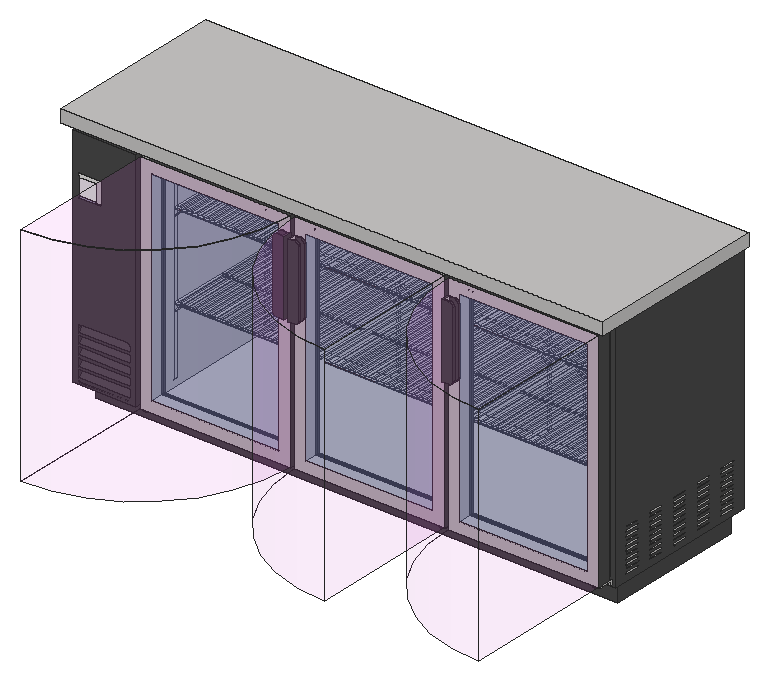
Revit family "QF_Kelvinator_738274_KCHBB72G", category Specialty Equipment, Revit 2021
Family settings
  Round Connector Dimension = Use Diameter
  Part Type = Normal
  Work Plane-Based = No
  Always vertical = Yes
  Cut with Voids When Loaded = No
  Shared = No
  Room Calculation Point = No
Parameters
  Weight in Pounds = 328.489
  Weight = 150.00 lbm
  Watts = 0 W
  Volts = 115 V
  URL Manufacturer = "KELVINATOR"
  URL Cutsheet = ""
  URL = "KELVINATOR"
  Specification by User = ""
  Specification by Manufacturer = ""
  Serial Number = ""
  Seismic Rating = ""
  SMACNA No = ""
  Revision Code = ""
  Refrigerant Type = "R290"
  Phase = 1
  Number of Poles = 1
  NAFEM Spec ID Number = ""
  Model = "KCHBB72G"
  Min Ckt Ampacity = 0 A
  Max Overcurrent Protection = 0 A
  Masterspec = ""
  Manufacturer = "Kelvinator"
  Length Actual = 1856"
  Length = 73 1/16"
  Item Number = "738274"
  Installed By = ""
  Identify Quantity as Lot = yes
  Height Actual = 920"
  Height = 36 1/4"
  HP = "0.4 HP"
  Gas KW = 0
  Furnished By = ""
  Foodservice Equipment Identifier = yes
  FL Amps = 3 A
  Electrical Remarks = ""
  Electric Connection Type = ""
  Elec Conn RI Height = 0"
  Elec Conn Connection Height = 0"
  Description = "3-GLASS DOOR BACK BAR REFRIGERATOR BLACK 73\" LONG"
  Depth Actual = 620"
  Depth = 24 7/16"
  Default Elevation = 0"
  Cycle = 60 Hz
  Conn Plug = "5-15P"
  Conn Conduit = yes
  CSI MasterFormat = ""
  Apparent Power = 0 VA
  Accessory = no
Reference planes (in)
  plane 1 "BACK": y = 0
  plane 2: z = 0
  plane 3 "LEFT": x = 0
  plane 4 "RIGHT": x = 73.0625
  plane 5 "FRONT": y = -24.4375
  plane 6 "TOP": z = 36.25
  plane 7 "Center Y": x = 36.53125
  plane 8 "Center X": y = -12.21875
Dimensions and locks (in)
  equal spacing: plane 3 "LEFT", plane 7 "Center Y", plane 4 "RIGHT"
  "Length": plane 3 "LEFT" to plane 4 "RIGHT"
  equal spacing: plane 5 "FRONT", plane 8 "Center X", plane 1 "BACK"
  "Depth": plane 5 "FRONT" to plane 1 "BACK"
  "Height": plane 6 "TOP" to level
  aligned and locked: level to plane 2
Nested families (in)
  nested 1: "KCHBB48S" at (0, 0, 0), type "KCHBB48S"
    with Show Clearance yes
Connectors (in)
  electrical at (36.53125, -0.715, 2.1875), driven by "Volts", driven by "Watts"
    settings: on nested 1, index 1, voltage 115 V, apparent load 0 VA, apparent load phase1 0 VA, apparent load phase2 0 VA, apparent load phase3 0 VA, power factor 1, load classification "Other", number of poles 1, system type 30, power factor state 1, is connector primary yes, connector utility no, sub classification motor no, connector description ""
Definition of nested family "KCHBB48S"
  Parameters (values of type "KCHBB48S")
    Weight in Pounds = 0
    URL Cutsheet = ""
    Specification by User = ""
    Specification by Manufacturer = ""
    Show Clearance [instance] = yes
    Serial Number = ""
    Seismic Rating = ""
    SMACNA No = ""
    Revision Code = ""
    NAFEM Spec ID Number = ""
    Masterspec = ""
    Length = 73 1/16"
    Item Number = ""
    Installed By = ""
    Identify Quantity as Lot = yes
    Height = 36 1/4"
    Furnished By = ""
    Foodservice Equipment Identifier = yes
    Depth = 24 7/16"
    Default Elevation = 0"
    CSI MasterFormat = ""
  Reference planes (in)
    plane 1 "BACK": y = 0
    plane 2: z = 0
    plane 3 "LEFT": x = 0
    plane 4 "RIGHT": x = 73.0625
    plane 5 "FRONT": y = -24.4375
    plane 6 "TOP": z = 36.25
    plane 7 "Center Y": x = 36.53125
    plane 8 "Center X": y = -12.21875
    plane 9: x = 72.46875
    plane 10: x = 0.59375
    plane 11: x = 71.96875
    plane 12: x = 51.76875
    plane 13: x = 30.46875
    plane 14: x = 10.26875
    plane 15: x = 9.68375
    plane 16: x = 1.18375
    plane 17: z = 2.6875
    plane 18: z = 34.5875
    plane 19: y = -40.8
    plane 20: y = -21.6
    plane 21: x = 1.34375
    plane 22: x = 71.71875
    plane 23: y = -1.34
    plane 24: y = -20.26
    plane 25: z = 33.8375
    plane 26: z = 3.4375
    plane 27: y = -22.1
    plane 28: x = 1.93375
    plane 29: x = 8.93375
    plane 30: x = 10.96025
    plane 31: x = 71.21025
    plane 32: x = 35.68125
    plane 33: x = 34.55625
    plane 34: x = 51.21875
    plane 35: x = 31.01875
  Forms (in)
    Extrusion 1, solid
      sketch origin (0.59375, -180, -2.6612) x (0, 0, -1) y (0, -1, 0)
        loop
          line (-5.3487, -180) -> (-5.3487, -158.4) -> (-37.2487, -158.4) -> (-37.2487, -180) -> (-5.3487, -180)
      from 0 to -71.875
    Extrusion 2, solid
      sketch origin (0, 0, 0) x (0, 1, 0) y (0, 0, 1)
        loop
          line (-24.4375, 36.25) -> (-24.4375, 34.5875) -> (0, 34.5875) -> (0, 36.25) -> (-24.4375, 36.25)
      from 0 to 73.0625
    Extrusion 3, solid
      sketch origin (0, -1.34, 0) x (0, 0, -1) y (1, 0, 0)
        loop
          line (-2.6875, 1.34375) -> (0, 1.34375) -> (0, 71.71875) -> (-2.6875, 71.71875) -> (-2.6875, 1.34375)
      from 0 to 18.92
    Extrusion 4, solid
      sketch origin (0, -22.1, 34.5875) x (0, 0, 1) y (1, 0, 0)
        loop
          line (-0.75, 1.18375) -> (-0.75, 9.68375) -> (-31.15, 9.68375) -> (-31.15, 1.18375) -> (-0.75, 1.18375)
      from 0.5 to -1.75
    Extrusion 5, void
      sketch origin (1.93375, -180, 12.66737) x (0, 0, -1) y (0, -1, 0)
        loop
          line (8.97987, -157.025) -> (8.97987, -154.65) -> (1.85487, -154.65) -> (1.85487, -157.025) -> (2.10487, -157.025) -> (2.97987, -156.15) -> (3.22987, -156.15) -> (3.22987, -157.025) -> (3.47987, -157.025) -> (4.35487, -156.15) -> (4.60487, -156.15) -> (4.60487, -157.025) -> (4.85487, -157.025) -> (5.72987, -156.15) -> (5.97987, -156.15) -> (5.97987, -157.025) -> (6.22987, -157.025) -> (7.10487, -156.15) -> (7.35487, -156.15) -> (7.35487, -157.025) -> (7.60487, -157.025) -> (8.47987, -156.15) -> (8.72987, -156.15) -> (8.72987, -157.025) -> (8.97987, -157.025)
      from 0 to -7
    Extrusion 6, solid
      sketch origin (71.96875, -23.85, 3.4375) x (0, 0, 1) y (-1, 0, 0)
        loop
          line (7.375, 63.535) -> (7.375, 69.535)
          arc (7.375, 69.535) -> (7.22855, 69.88855) -> (6.875, 70.035) r 0.5
          line (6.875, 70.035) -> (0.75, 70.035)
          arc (0.75, 70.035) -> (0.39645, 69.88855) -> (0.25, 69.535) r 0.5
          line (0.25, 69.535) -> (0.25, 63.535)
          arc (0.25, 63.535) -> (0.39645, 63.18145) -> (0.75, 63.035) r 0.5
          line (0.75, 63.035) -> (6.875, 63.035)
          arc (6.875, 63.035) -> (7.22855, 63.18145) -> (7.375, 63.535) r 0.5
        loop
          line (7.625, 63.535) -> (7.625, 69.535)
          arc (7.625, 69.535) -> (7.40533, 70.06533) -> (6.875, 70.285) r 0.75
          line (6.875, 70.285) -> (0.75, 70.285)
          arc (0.75, 70.285) -> (0.21967, 70.06533) -> (0, 69.535) r 0.75
          line (0, 69.535) -> (0, 63.535)
          arc (0, 63.535) -> (0.21967, 63.00467) -> (0.75, 62.785) r 0.75
          line (0.75, 62.785) -> (6.875, 62.785)
          arc (6.875, 62.785) -> (7.40533, 63.00467) -> (7.625, 63.535) r 0.75
      from 0 to -0.875
    Blend 7, solid
      base sketch origin (71.96875, -23.85, 3.4375) x (0, 0, 1) y (-1, 0, 0)
        loop
          line (25.18493, 69.65025) -> (22.93493, 69.65025) -> (22.93493, 67.40025) -> (25.18493, 67.40025) -> (25.18493, 69.65025)
      top sketch origin (71.96875, -23.85, 3.4375) x (0, 0, 1) y (-1, 0, 0)
        loop
          line (25.56493, 70.03025) -> (22.55493, 70.03025) -> (22.55493, 67.02025) -> (25.56493, 67.02025) -> (25.56493, 70.03025)
      from 0.21643 to 0
    Extrusion 8, void
      sketch origin (0.59375, -180, -2.6612) x (0, 0, 1) y (0, -1, 0)
        loop
          arc (12.07129, -160.16063) -> (11.91504, -160.00438) -> (11.75879, -160.16063) r 0.15625
          line (11.75879, -160.16063) -> (11.75879, -162.09813)
          arc (11.75879, -162.09813) -> (11.91504, -162.25438) -> (12.07129, -162.09813) r 0.15625
          line (12.07129, -162.09813) -> (12.07129, -160.16063)
        loop
          arc (11.50879, -160.16063) -> (11.35254, -160.00438) -> (11.19629, -160.16063) r 0.15625
          line (11.19629, -160.16063) -> (11.19629, -162.09813)
          arc (11.19629, -162.09813) -> (11.35254, -162.25438) -> (11.50879, -162.09813) r 0.15625
          line (11.50879, -162.09813) -> (11.50879, -160.16063)
        loop
          arc (10.94629, -160.16063) -> (10.79004, -160.00438) -> (10.63379, -160.16063) r 0.15625
          line (10.63379, -160.16063) -> (10.63379, -162.09813)
          arc (10.63379, -162.09813) -> (10.79004, -162.25438) -> (10.94629, -162.09813) r 0.15625
          line (10.94629, -162.09813) -> (10.94629, -160.16063)
        loop
          arc (10.38379, -160.16063) -> (10.22754, -160.00438) -> (10.07129, -160.16063) r 0.15625
          line (10.07129, -160.16063) -> (10.07129, -162.09813)
          arc (10.07129, -162.09813) -> (10.22754, -162.25438) -> (10.38379, -162.09813) r 0.15625
          line (10.38379, -162.09813) -> (10.38379, -160.16063)
        loop
          arc (9.82129, -160.16063) -> (9.66504, -160.00438) -> (9.50879, -160.16063) r 0.15625
          line (9.50879, -160.16063) -> (9.50879, -162.09813)
          arc (9.50879, -162.09813) -> (9.66504, -162.25438) -> (9.82129, -162.09813) r 0.15625
          line (9.82129, -162.09813) -> (9.82129, -160.16063)
        loop
          arc (9.25879, -160.16063) -> (9.10254, -160.00438) -> (8.94629, -160.16063) r 0.15625
          line (8.94629, -160.16063) -> (8.94629, -162.09813)
          arc (8.94629, -162.09813) -> (9.10254, -162.25438) -> (9.25879, -162.09813) r 0.15625
          line (9.25879, -162.09813) -> (9.25879, -160.16063)
        loop
          arc (8.69629, -160.16063) -> (8.54004, -160.00438) -> (8.38379, -160.16063) r 0.15625
          line (8.38379, -160.16063) -> (8.38379, -162.09813)
          arc (8.38379, -162.09813) -> (8.54004, -162.25438) -> (8.69629, -162.09813) r 0.15625
          line (8.69629, -162.09813) -> (8.69629, -160.16063)
        loop
          arc (8.13379, -160.16063) -> (7.97754, -160.00438) -> (7.82129, -160.16063) r 0.15625
          line (7.82129, -160.16063) -> (7.82129, -162.09813)
          arc (7.82129, -162.09813) -> (7.97754, -162.25438) -> (8.13379, -162.09813) r 0.15625
          line (8.13379, -162.09813) -> (8.13379, -160.16063)
        loop
          arc (7.57129, -160.16063) -> (7.41504, -160.00438) -> (7.25879, -160.16063) r 0.15625
          line (7.25879, -160.16063) -> (7.25879, -162.09813)
          arc (7.25879, -162.09813) -> (7.41504, -162.25438) -> (7.57129, -162.09813) r 0.15625
          line (7.57129, -162.09813) -> (7.57129, -160.16063)
        loop
          arc (7.00879, -160.16063) -> (6.85254, -160.00438) -> (6.69629, -160.16063) r 0.15625
          line (6.69629, -160.16063) -> (6.69629, -162.09813)
          arc (6.69629, -162.09813) -> (6.85254, -162.25438) -> (7.00879, -162.09813) r 0.15625
          line (7.00879, -162.09813) -> (7.00879, -160.16063)
        loop
          arc (6.44629, -160.16063) -> (6.29004, -160.00438) -> (6.13379, -160.16063) r 0.15625
          line (6.13379, -160.16063) -> (6.13379, -162.09813)
          arc (6.13379, -162.09813) -> (6.29004, -162.25438) -> (6.44629, -162.09813) r 0.15625
          line (6.44629, -162.09813) -> (6.44629, -160.16063)
        loop
          arc (12.07129, -164.16063) -> (11.91504, -164.00438) -> (11.75879, -164.16063) r 0.15625
          line (11.75879, -164.16063) -> (11.75879, -166.09813)
          arc (11.75879, -166.09813) -> (11.91504, -166.25438) -> (12.07129, -166.09813) r 0.15625
          line (12.07129, -166.09813) -> (12.07129, -164.16063)
        loop
          arc (11.50879, -164.16063) -> (11.35254, -164.00438) -> (11.19629, -164.16063) r 0.15625
          line (11.19629, -164.16063) -> (11.19629, -166.09813)
          arc (11.19629, -166.09813) -> (11.35254, -166.25438) -> (11.50879, -166.09813) r 0.15625
          line (11.50879, -166.09813) -> (11.50879, -164.16063)
        loop
          arc (10.94629, -164.16063) -> (10.79004, -164.00438) -> (10.63379, -164.16063) r 0.15625
          line (10.63379, -164.16063) -> (10.63379, -166.09813)
          arc (10.63379, -166.09813) -> (10.79004, -166.25438) -> (10.94629, -166.09813) r 0.15625
          line (10.94629, -166.09813) -> (10.94629, -164.16063)
        loop
          arc (10.38379, -164.16063) -> (10.22754, -164.00438) -> (10.07129, -164.16063) r 0.15625
          line (10.07129, -164.16063) -> (10.07129, -166.09813)
          arc (10.07129, -166.09813) -> (10.22754, -166.25438) -> (10.38379, -166.09813) r 0.15625
          line (10.38379, -166.09813) -> (10.38379, -164.16063)
        loop
          arc (9.82129, -164.16063) -> (9.66504, -164.00438) -> (9.50879, -164.16063) r 0.15625
          line (9.50879, -164.16063) -> (9.50879, -166.09813)
          arc (9.50879, -166.09813) -> (9.66504, -166.25438) -> (9.82129, -166.09813) r 0.15625
          line (9.82129, -166.09813) -> (9.82129, -164.16063)
        loop
          arc (9.25879, -164.16063) -> (9.10254, -164.00438) -> (8.94629, -164.16063) r 0.15625
          line (8.94629, -164.16063) -> (8.94629, -166.09813)
          arc (8.94629, -166.09813) -> (9.10254, -166.25438) -> (9.25879, -166.09813) r 0.15625
          line (9.25879, -166.09813) -> (9.25879, -164.16063)
        loop
          arc (8.69629, -164.16063) -> (8.54004, -164.00438) -> (8.38379, -164.16063) r 0.15625
          line (8.38379, -164.16063) -> (8.38379, -166.09813)
          arc (8.38379, -166.09813) -> (8.54004, -166.25438) -> (8.69629, -166.09813) r 0.15625
          line (8.69629, -166.09813) -> (8.69629, -164.16063)
        loop
          arc (8.13379, -164.16063) -> (7.97754, -164.00438) -> (7.82129, -164.16063) r 0.15625
          line (7.82129, -164.16063) -> (7.82129, -166.09813)
          arc (7.82129, -166.09813) -> (7.97754, -166.25438) -> (8.13379, -166.09813) r 0.15625
          line (8.13379, -166.09813) -> (8.13379, -164.16063)
        loop
          arc (7.57129, -164.16063) -> (7.41504, -164.00438) -> (7.25879, -164.16063) r 0.15625
          line (7.25879, -164.16063) -> (7.25879, -166.09813)
          arc (7.25879, -166.09813) -> (7.41504, -166.25438) -> (7.57129, -166.09813) r 0.15625
          line (7.57129, -166.09813) -> (7.57129, -164.16063)
        loop
          arc (7.00879, -164.16063) -> (6.85254, -164.00438) -> (6.69629, -164.16063) r 0.15625
          line (6.69629, -164.16063) -> (6.69629, -166.09813)
          arc (6.69629, -166.09813) -> (6.85254, -166.25438) -> (7.00879, -166.09813) r 0.15625
          line (7.00879, -166.09813) -> (7.00879, -164.16063)
        loop
          arc (6.44629, -164.16063) -> (6.29004, -164.00438) -> (6.13379, -164.16063) r 0.15625
          line (6.13379, -164.16063) -> (6.13379, -166.09813)
          arc (6.13379, -166.09813) -> (6.29004, -166.25438) -> (6.44629, -166.09813) r 0.15625
          line (6.44629, -166.09813) -> (6.44629, -164.16063)
        loop
          arc (12.07129, -168.16063) -> (11.91504, -168.00438) -> (11.75879, -168.16063) r 0.15625
          line (11.75879, -168.16063) -> (11.75879, -170.09813)
          arc (11.75879, -170.09813) -> (11.91504, -170.25438) -> (12.07129, -170.09813) r 0.15625
          line (12.07129, -170.09813) -> (12.07129, -168.16063)
        loop
          arc (11.50879, -168.16063) -> (11.35254, -168.00438) -> (11.19629, -168.16063) r 0.15625
          line (11.19629, -168.16063) -> (11.19629, -170.09813)
          arc (11.19629, -170.09813) -> (11.35254, -170.25438) -> (11.50879, -170.09813) r 0.15625
          line (11.50879, -170.09813) -> (11.50879, -168.16063)
        loop
          arc (10.94629, -168.16063) -> (10.79004, -168.00438) -> (10.63379, -168.16063) r 0.15625
          line (10.63379, -168.16063) -> (10.63379, -170.09813)
          arc (10.63379, -170.09813) -> (10.79004, -170.25438) -> (10.94629, -170.09813) r 0.15625
          line (10.94629, -170.09813) -> (10.94629, -168.16063)
        loop
          arc (10.38379, -168.16063) -> (10.22754, -168.00438) -> (10.07129, -168.16063) r 0.15625
          line (10.07129, -168.16063) -> (10.07129, -170.09813)
          arc (10.07129, -170.09813) -> (10.22754, -170.25438) -> (10.38379, -170.09813) r 0.15625
          line (10.38379, -170.09813) -> (10.38379, -168.16063)
        loop
          arc (9.82129, -168.16063) -> (9.66504, -168.00438) -> (9.50879, -168.16063) r 0.15625
          line (9.50879, -168.16063) -> (9.50879, -170.09813)
          arc (9.50879, -170.09813) -> (9.66504, -170.25438) -> (9.82129, -170.09813) r 0.15625
          line (9.82129, -170.09813) -> (9.82129, -168.16063)
        loop
          arc (9.25879, -168.16063) -> (9.10254, -168.00438) -> (8.94629, -168.16063) r 0.15625
          line (8.94629, -168.16063) -> (8.94629, -170.09813)
          arc (8.94629, -170.09813) -> (9.10254, -170.25438) -> (9.25879, -170.09813) r 0.15625
          line (9.25879, -170.09813) -> (9.25879, -168.16063)
        loop
          arc (8.69629, -168.16063) -> (8.54004, -168.00438) -> (8.38379, -168.16063) r 0.15625
          line (8.38379, -168.16063) -> (8.38379, -170.09813)
          arc (8.38379, -170.09813) -> (8.54004, -170.25438) -> (8.69629, -170.09813) r 0.15625
          line (8.69629, -170.09813) -> (8.69629, -168.16063)
        loop
          arc (8.13379, -168.16063) -> (7.97754, -168.00438) -> (7.82129, -168.16063) r 0.15625
          line (7.82129, -168.16063) -> (7.82129, -170.09813)
          arc (7.82129, -170.09813) -> (7.97754, -170.25438) -> (8.13379, -170.09813) r 0.15625
          line (8.13379, -170.09813) -> (8.13379, -168.16063)
        loop
          arc (7.57129, -168.16063) -> (7.41504, -168.00438) -> (7.25879, -168.16063) r 0.15625
          line (7.25879, -168.16063) -> (7.25879, -170.09813)
          arc (7.25879, -170.09813) -> (7.41504, -170.25438) -> (7.57129, -170.09813) r 0.15625
          line (7.57129, -170.09813) -> (7.57129, -168.16063)
        loop
          arc (7.00879, -168.16063) -> (6.85254, -168.00438) -> (6.69629, -168.16063) r 0.15625
          line (6.69629, -168.16063) -> (6.69629, -170.09813)
          arc (6.69629, -170.09813) -> (6.85254, -170.25438) -> (7.00879, -170.09813) r 0.15625
          line (7.00879, -170.09813) -> (7.00879, -168.16063)
        loop
          arc (6.44629, -168.16063) -> (6.29004, -168.00438) -> (6.13379, -168.16063) r 0.15625
          line (6.13379, -168.16063) -> (6.13379, -170.09813)
          arc (6.13379, -170.09813) -> (6.29004, -170.25438) -> (6.44629, -170.09813) r 0.15625
          line (6.44629, -170.09813) -> (6.44629, -168.16063)
        loop
          arc (12.07129, -172.16063) -> (11.91504, -172.00438) -> (11.75879, -172.16063) r 0.15625
          line (11.75879, -172.16063) -> (11.75879, -174.09813)
          arc (11.75879, -174.09813) -> (11.91504, -174.25438) -> (12.07129, -174.09813) r 0.15625
          line (12.07129, -174.09813) -> (12.07129, -172.16063)
        loop
          arc (11.50879, -172.16063) -> (11.35254, -172.00438) -> (11.19629, -172.16063) r 0.15625
          line (11.19629, -172.16063) -> (11.19629, -174.09813)
          arc (11.19629, -174.09813) -> (11.35254, -174.25438) -> (11.50879, -174.09813) r 0.15625
          line (11.50879, -174.09813) -> (11.50879, -172.16063)
        loop
          arc (10.94629, -172.16063) -> (10.79004, -172.00438) -> (10.63379, -172.16063) r 0.15625
          line (10.63379, -172.16063) -> (10.63379, -174.09813)
          arc (10.63379, -174.09813) -> (10.79004, -174.25438) -> (10.94629, -174.09813) r 0.15625
          line (10.94629, -174.09813) -> (10.94629, -172.16063)
        loop
          arc (10.38379, -172.16063) -> (10.22754, -172.00438) -> (10.07129, -172.16063) r 0.15625
          line (10.07129, -172.16063) -> (10.07129, -174.09813)
          arc (10.07129, -174.09813) -> (10.22754, -174.25438) -> (10.38379, -174.09813) r 0.15625
          line (10.38379, -174.09813) -> (10.38379, -172.16063)
        loop
          arc (9.82129, -172.16063) -> (9.66504, -172.00438) -> (9.50879, -172.16063) r 0.15625
          line (9.50879, -172.16063) -> (9.50879, -174.09813)
          arc (9.50879, -174.09813) -> (9.66504, -174.25438) -> (9.82129, -174.09813) r 0.15625
          line (9.82129, -174.09813) -> (9.82129, -172.16063)
        loop
          arc (9.25879, -172.16063) -> (9.10254, -172.00438) -> (8.94629, -172.16063) r 0.15625
          line (8.94629, -172.16063) -> (8.94629, -174.09813)
          arc (8.94629, -174.09813) -> (9.10254, -174.25438) -> (9.25879, -174.09813) r 0.15625
          line (9.25879, -174.09813) -> (9.25879, -172.16063)
        loop
          arc (8.69629, -172.16063) -> (8.54004, -172.00438) -> (8.38379, -172.16063) r 0.15625
          line (8.38379, -172.16063) -> (8.38379, -174.09813)
          arc (8.38379, -174.09813) -> (8.54004, -174.25438) -> (8.69629, -174.09813) r 0.15625
          line (8.69629, -174.09813) -> (8.69629, -172.16063)
        loop
          arc (8.13379, -172.16063) -> (7.97754, -172.00438) -> (7.82129, -172.16063) r 0.15625
          line (7.82129, -172.16063) -> (7.82129, -174.09813)
          arc (7.82129, -174.09813) -> (7.97754, -174.25438) -> (8.13379, -174.09813) r 0.15625
          line (8.13379, -174.09813) -> (8.13379, -172.16063)
        loop
          arc (7.57129, -172.16063) -> (7.41504, -172.00438) -> (7.25879, -172.16063) r 0.15625
          line (7.25879, -172.16063) -> (7.25879, -174.09813)
          arc (7.25879, -174.09813) -> (7.41504, -174.25438) -> (7.57129, -174.09813) r 0.15625
          line (7.57129, -174.09813) -> (7.57129, -172.16063)
        loop
          arc (7.00879, -172.16063) -> (6.85254, -172.00438) -> (6.69629, -172.16063) r 0.15625
          line (6.69629, -172.16063) -> (6.69629, -174.09813)
          arc (6.69629, -174.09813) -> (6.85254, -174.25438) -> (7.00879, -174.09813) r 0.15625
          line (7.00879, -174.09813) -> (7.00879, -172.16063)
        loop
          arc (6.44629, -172.16063) -> (6.29004, -172.00438) -> (6.13379, -172.16063) r 0.15625
          line (6.13379, -172.16063) -> (6.13379, -174.09813)
          arc (6.13379, -174.09813) -> (6.29004, -174.25438) -> (6.44629, -174.09813) r 0.15625
          line (6.44629, -174.09813) -> (6.44629, -172.16063)
        loop
          arc (12.07129, -176.16063) -> (11.91504, -176.00438) -> (11.75879, -176.16063) r 0.15625
          line (11.75879, -176.16063) -> (11.75879, -178.09813)
          arc (11.75879, -178.09813) -> (11.91504, -178.25438) -> (12.07129, -178.09813) r 0.15625
          line (12.07129, -178.09813) -> (12.07129, -176.16063)
        loop
          arc (11.50879, -176.16063) -> (11.35254, -176.00438) -> (11.19629, -176.16063) r 0.15625
          line (11.19629, -176.16063) -> (11.19629, -178.09813)
          arc (11.19629, -178.09813) -> (11.35254, -178.25438) -> (11.50879, -178.09813) r 0.15625
          line (11.50879, -178.09813) -> (11.50879, -176.16063)
        loop
          arc (10.94629, -176.16063) -> (10.79004, -176.00438) -> (10.63379, -176.16063) r 0.15625
          line (10.63379, -176.16063) -> (10.63379, -178.09813)
          arc (10.63379, -178.09813) -> (10.79004, -178.25438) -> (10.94629, -178.09813) r 0.15625
          line (10.94629, -178.09813) -> (10.94629, -176.16063)
        loop
          arc (10.38379, -176.16063) -> (10.22754, -176.00438) -> (10.07129, -176.16063) r 0.15625
          line (10.07129, -176.16063) -> (10.07129, -178.09813)
          arc (10.07129, -178.09813) -> (10.22754, -178.25438) -> (10.38379, -178.09813) r 0.15625
          line (10.38379, -178.09813) -> (10.38379, -176.16063)
        loop
          arc (9.82129, -176.16063) -> (9.66504, -176.00438) -> (9.50879, -176.16063) r 0.15625
          line (9.50879, -176.16063) -> (9.50879, -178.09813)
          arc (9.50879, -178.09813) -> (9.66504, -178.25438) -> (9.82129, -178.09813) r 0.15625
          line (9.82129, -178.09813) -> (9.82129, -176.16063)
        loop
          arc (9.25879, -176.16063) -> (9.10254, -176.00438) -> (8.94629, -176.16063) r 0.15625
          line (8.94629, -176.16063) -> (8.94629, -178.09813)
          arc (8.94629, -178.09813) -> (9.10254, -178.25438) -> (9.25879, -178.09813) r 0.15625
          line (9.25879, -178.09813) -> (9.25879, -176.16063)
        loop
          arc (8.69629, -176.16063) -> (8.54004, -176.00438) -> (8.38379, -176.16063) r 0.15625
          line (8.38379, -176.16063) -> (8.38379, -178.09813)
          arc (8.38379, -178.09813) -> (8.54004, -178.25438) -> (8.69629, -178.09813) r 0.15625
          line (8.69629, -178.09813) -> (8.69629, -176.16063)
        loop
          arc (8.13379, -176.16063) -> (7.97754, -176.00438) -> (7.82129, -176.16063) r 0.15625
          line (7.82129, -176.16063) -> (7.82129, -178.09813)
          arc (7.82129, -178.09813) -> (7.97754, -178.25438) -> (8.13379, -178.09813) r 0.15625
          line (8.13379, -178.09813) -> (8.13379, -176.16063)
        loop
          arc (7.57129, -176.16063) -> (7.41504, -176.00438) -> (7.25879, -176.16063) r 0.15625
          line (7.25879, -176.16063) -> (7.25879, -178.09813)
          arc (7.25879, -178.09813) -> (7.41504, -178.25438) -> (7.57129, -178.09813) r 0.15625
          line (7.57129, -178.09813) -> (7.57129, -176.16063)
        loop
          arc (7.00879, -176.16063) -> (6.85254, -176.00438) -> (6.69629, -176.16063) r 0.15625
          line (6.69629, -176.16063) -> (6.69629, -178.09813)
          arc (6.69629, -178.09813) -> (6.85254, -178.25438) -> (7.00879, -178.09813) r 0.15625
          line (7.00879, -178.09813) -> (7.00879, -176.16063)
        loop
          arc (6.44629, -176.16063) -> (6.29004, -176.00438) -> (6.13379, -176.16063) r 0.15625
          line (6.13379, -176.16063) -> (6.13379, -178.09813)
          arc (6.13379, -178.09813) -> (6.29004, -178.25438) -> (6.44629, -178.09813) r 0.15625
          line (6.44629, -178.09813) -> (6.44629, -176.16063)
      from 0 to 0.03
    Extrusion 9, void
      sketch origin (72.46875, -180, -2.6612) x (0, 0, -1) y (0, -1, 0)
        loop
          line (-12.07129, -160.16063) -> (-12.07129, -162.09813)
          arc (-12.07129, -162.09813) -> (-11.91504, -162.25438) -> (-11.75879, -162.09813) r 0.15625
          line (-11.75879, -162.09813) -> (-11.75879, -160.16063)
          arc (-11.75879, -160.16063) -> (-11.91504, -160.00438) -> (-12.07129, -160.16063) r 0.15625
        loop
          line (-11.50879, -160.16063) -> (-11.50879, -162.09813)
          arc (-11.50879, -162.09813) -> (-11.35254, -162.25438) -> (-11.19629, -162.09813) r 0.15625
          line (-11.19629, -162.09813) -> (-11.19629, -160.16063)
          arc (-11.19629, -160.16063) -> (-11.35254, -160.00438) -> (-11.50879, -160.16063) r 0.15625
        loop
          line (-10.94629, -160.16063) -> (-10.94629, -162.09813)
          arc (-10.94629, -162.09813) -> (-10.79004, -162.25438) -> (-10.63379, -162.09813) r 0.15625
          line (-10.63379, -162.09813) -> (-10.63379, -160.16063)
          arc (-10.63379, -160.16063) -> (-10.79004, -160.00438) -> (-10.94629, -160.16063) r 0.15625
        loop
          line (-10.38379, -160.16063) -> (-10.38379, -162.09813)
          arc (-10.38379, -162.09813) -> (-10.22754, -162.25438) -> (-10.07129, -162.09813) r 0.15625
          line (-10.07129, -162.09813) -> (-10.07129, -160.16063)
          arc (-10.07129, -160.16063) -> (-10.22754, -160.00438) -> (-10.38379, -160.16063) r 0.15625
        loop
          line (-9.82129, -160.16063) -> (-9.82129, -162.09813)
          arc (-9.82129, -162.09813) -> (-9.66504, -162.25438) -> (-9.50879, -162.09813) r 0.15625
          line (-9.50879, -162.09813) -> (-9.50879, -160.16063)
          arc (-9.50879, -160.16063) -> (-9.66504, -160.00438) -> (-9.82129, -160.16063) r 0.15625
        loop
          line (-9.25879, -160.16063) -> (-9.25879, -162.09813)
          arc (-9.25879, -162.09813) -> (-9.10254, -162.25438) -> (-8.94629, -162.09813) r 0.15625
          line (-8.94629, -162.09813) -> (-8.94629, -160.16063)
          arc (-8.94629, -160.16063) -> (-9.10254, -160.00438) -> (-9.25879, -160.16063) r 0.15625
        loop
          line (-8.69629, -160.16063) -> (-8.69629, -162.09813)
          arc (-8.69629, -162.09813) -> (-8.54004, -162.25438) -> (-8.38379, -162.09813) r 0.15625
          line (-8.38379, -162.09813) -> (-8.38379, -160.16063)
          arc (-8.38379, -160.16063) -> (-8.54004, -160.00438) -> (-8.69629, -160.16063) r 0.15625
        loop
          line (-8.13379, -160.16063) -> (-8.13379, -162.09813)
          arc (-8.13379, -162.09813) -> (-7.97754, -162.25438) -> (-7.82129, -162.09813) r 0.15625
          line (-7.82129, -162.09813) -> (-7.82129, -160.16063)
          arc (-7.82129, -160.16063) -> (-7.97754, -160.00438) -> (-8.13379, -160.16063) r 0.15625
        loop
          line (-7.57129, -160.16063) -> (-7.57129, -162.09813)
          arc (-7.57129, -162.09813) -> (-7.41504, -162.25438) -> (-7.25879, -162.09813) r 0.15625
          line (-7.25879, -162.09813) -> (-7.25879, -160.16063)
          arc (-7.25879, -160.16063) -> (-7.41504, -160.00438) -> (-7.57129, -160.16063) r 0.15625
        loop
          line (-7.00879, -160.16063) -> (-7.00879, -162.09813)
          arc (-7.00879, -162.09813) -> (-6.85254, -162.25438) -> (-6.69629, -162.09813) r 0.15625
          line (-6.69629, -162.09813) -> (-6.69629, -160.16063)
          arc (-6.69629, -160.16063) -> (-6.85254, -160.00438) -> (-7.00879, -160.16063) r 0.15625
        loop
          line (-6.44629, -160.16063) -> (-6.44629, -162.09813)
          arc (-6.44629, -162.09813) -> (-6.29004, -162.25438) -> (-6.13379, -162.09813) r 0.15625
          line (-6.13379, -162.09813) -> (-6.13379, -160.16063)
          arc (-6.13379, -160.16063) -> (-6.29004, -160.00438) -> (-6.44629, -160.16063) r 0.15625
        loop
          line (-12.07129, -164.16063) -> (-12.07129, -166.09813)
          arc (-12.07129, -166.09813) -> (-11.91504, -166.25438) -> (-11.75879, -166.09813) r 0.15625
          line (-11.75879, -166.09813) -> (-11.75879, -164.16063)
          arc (-11.75879, -164.16063) -> (-11.91504, -164.00438) -> (-12.07129, -164.16063) r 0.15625
        loop
          line (-11.50879, -164.16063) -> (-11.50879, -166.09813)
          arc (-11.50879, -166.09813) -> (-11.35254, -166.25438) -> (-11.19629, -166.09813) r 0.15625
          line (-11.19629, -166.09813) -> (-11.19629, -164.16063)
          arc (-11.19629, -164.16063) -> (-11.35254, -164.00438) -> (-11.50879, -164.16063) r 0.15625
        loop
          line (-10.94629, -164.16063) -> (-10.94629, -166.09813)
          arc (-10.94629, -166.09813) -> (-10.79004, -166.25438) -> (-10.63379, -166.09813) r 0.15625
          line (-10.63379, -166.09813) -> (-10.63379, -164.16063)
          arc (-10.63379, -164.16063) -> (-10.79004, -164.00438) -> (-10.94629, -164.16063) r 0.15625
        loop
          line (-10.38379, -164.16063) -> (-10.38379, -166.09813)
          arc (-10.38379, -166.09813) -> (-10.22754, -166.25438) -> (-10.07129, -166.09813) r 0.15625
          line (-10.07129, -166.09813) -> (-10.07129, -164.16063)
          arc (-10.07129, -164.16063) -> (-10.22754, -164.00438) -> (-10.38379, -164.16063) r 0.15625
        loop
          line (-9.82129, -164.16063) -> (-9.82129, -166.09813)
          arc (-9.82129, -166.09813) -> (-9.66504, -166.25438) -> (-9.50879, -166.09813) r 0.15625
          line (-9.50879, -166.09813) -> (-9.50879, -164.16063)
          arc (-9.50879, -164.16063) -> (-9.66504, -164.00438) -> (-9.82129, -164.16063) r 0.15625
        loop
          line (-9.25879, -164.16063) -> (-9.25879, -166.09813)
          arc (-9.25879, -166.09813) -> (-9.10254, -166.25438) -> (-8.94629, -166.09813) r 0.15625
          line (-8.94629, -166.09813) -> (-8.94629, -164.16063)
          arc (-8.94629, -164.16063) -> (-9.10254, -164.00438) -> (-9.25879, -164.16063) r 0.15625
        loop
          line (-8.69629, -164.16063) -> (-8.69629, -166.09813)
          arc (-8.69629, -166.09813) -> (-8.54004, -166.25438) -> (-8.38379, -166.09813) r 0.15625
          line (-8.38379, -166.09813) -> (-8.38379, -164.16063)
          arc (-8.38379, -164.16063) -> (-8.54004, -164.00438) -> (-8.69629, -164.16063) r 0.15625
        loop
          line (-8.13379, -164.16063) -> (-8.13379, -166.09813)
          arc (-8.13379, -166.09813) -> (-7.97754, -166.25438) -> (-7.82129, -166.09813) r 0.15625
          line (-7.82129, -166.09813) -> (-7.82129, -164.16063)
          arc (-7.82129, -164.16063) -> (-7.97754, -164.00438) -> (-8.13379, -164.16063) r 0.15625
        loop
          line (-7.57129, -164.16063) -> (-7.57129, -166.09813)
          arc (-7.57129, -166.09813) -> (-7.41504, -166.25438) -> (-7.25879, -166.09813) r 0.15625
          line (-7.25879, -166.09813) -> (-7.25879, -164.16063)
          arc (-7.25879, -164.16063) -> (-7.41504, -164.00438) -> (-7.57129, -164.16063) r 0.15625
        loop
          line (-7.00879, -164.16063) -> (-7.00879, -166.09813)
          arc (-7.00879, -166.09813) -> (-6.85254, -166.25438) -> (-6.69629, -166.09813) r 0.15625
          line (-6.69629, -166.09813) -> (-6.69629, -164.16063)
          arc (-6.69629, -164.16063) -> (-6.85254, -164.00438) -> (-7.00879, -164.16063) r 0.15625
        loop
          line (-6.44629, -164.16063) -> (-6.44629, -166.09813)
          arc (-6.44629, -166.09813) -> (-6.29004, -166.25438) -> (-6.13379, -166.09813) r 0.15625
          line (-6.13379, -166.09813) -> (-6.13379, -164.16063)
          arc (-6.13379, -164.16063) -> (-6.29004, -164.00438) -> (-6.44629, -164.16063) r 0.15625
        loop
          line (-12.07129, -168.16063) -> (-12.07129, -170.09813)
          arc (-12.07129, -170.09813) -> (-11.91504, -170.25438) -> (-11.75879, -170.09813) r 0.15625
          line (-11.75879, -170.09813) -> (-11.75879, -168.16063)
          arc (-11.75879, -168.16063) -> (-11.91504, -168.00438) -> (-12.07129, -168.16063) r 0.15625
        loop
          line (-11.50879, -168.16063) -> (-11.50879, -170.09813)
          arc (-11.50879, -170.09813) -> (-11.35254, -170.25438) -> (-11.19629, -170.09813) r 0.15625
          line (-11.19629, -170.09813) -> (-11.19629, -168.16063)
          arc (-11.19629, -168.16063) -> (-11.35254, -168.00438) -> (-11.50879, -168.16063) r 0.15625
        loop
          line (-10.94629, -168.16063) -> (-10.94629, -170.09813)
          arc (-10.94629, -170.09813) -> (-10.79004, -170.25438) -> (-10.63379, -170.09813) r 0.15625
          line (-10.63379, -170.09813) -> (-10.63379, -168.16063)
          arc (-10.63379, -168.16063) -> (-10.79004, -168.00438) -> (-10.94629, -168.16063) r 0.15625
        loop
          line (-10.38379, -168.16063) -> (-10.38379, -170.09813)
          arc (-10.38379, -170.09813) -> (-10.22754, -170.25438) -> (-10.07129, -170.09813) r 0.15625
          line (-10.07129, -170.09813) -> (-10.07129, -168.16063)
          arc (-10.07129, -168.16063) -> (-10.22754, -168.00438) -> (-10.38379, -168.16063) r 0.15625
        loop
          line (-9.82129, -168.16063) -> (-9.82129, -170.09813)
          arc (-9.82129, -170.09813) -> (-9.66504, -170.25438) -> (-9.50879, -170.09813) r 0.15625
          line (-9.50879, -170.09813) -> (-9.50879, -168.16063)
          arc (-9.50879, -168.16063) -> (-9.66504, -168.00438) -> (-9.82129, -168.16063) r 0.15625
        loop
          line (-9.25879, -168.16063) -> (-9.25879, -170.09813)
          arc (-9.25879, -170.09813) -> (-9.10254, -170.25438) -> (-8.94629, -170.09813) r 0.15625
          line (-8.94629, -170.09813) -> (-8.94629, -168.16063)
          arc (-8.94629, -168.16063) -> (-9.10254, -168.00438) -> (-9.25879, -168.16063) r 0.15625
        loop
          line (-8.69629, -168.16063) -> (-8.69629, -170.09813)
          arc (-8.69629, -170.09813) -> (-8.54004, -170.25438) -> (-8.38379, -170.09813) r 0.15625
          line (-8.38379, -170.09813) -> (-8.38379, -168.16063)
          arc (-8.38379, -168.16063) -> (-8.54004, -168.00438) -> (-8.69629, -168.16063) r 0.15625
        loop
          line (-8.13379, -168.16063) -> (-8.13379, -170.09813)
          arc (-8.13379, -170.09813) -> (-7.97754, -170.25438) -> (-7.82129, -170.09813) r 0.15625
          line (-7.82129, -170.09813) -> (-7.82129, -168.16063)
          arc (-7.82129, -168.16063) -> (-7.97754, -168.00438) -> (-8.13379, -168.16063) r 0.15625
        loop
          line (-7.57129, -168.16063) -> (-7.57129, -170.09813)
          arc (-7.57129, -170.09813) -> (-7.41504, -170.25438) -> (-7.25879, -170.09813) r 0.15625
          line (-7.25879, -170.09813) -> (-7.25879, -168.16063)
          arc (-7.25879, -168.16063) -> (-7.41504, -168.00438) -> (-7.57129, -168.16063) r 0.15625
        loop
          line (-7.00879, -168.16063) -> (-7.00879, -170.09813)
          arc (-7.00879, -170.09813) -> (-6.85254, -170.25438) -> (-6.69629, -170.09813) r 0.15625
          line (-6.69629, -170.09813) -> (-6.69629, -168.16063)
          arc (-6.69629, -168.16063) -> (-6.85254, -168.00438) -> (-7.00879, -168.16063) r 0.15625
        loop
          line (-6.44629, -168.16063) -> (-6.44629, -170.09813)
          arc (-6.44629, -170.09813) -> (-6.29004, -170.25438) -> (-6.13379, -170.09813) r 0.15625
          line (-6.13379, -170.09813) -> (-6.13379, -168.16063)
          arc (-6.13379, -168.16063) -> (-6.29004, -168.00438) -> (-6.44629, -168.16063) r 0.15625
        loop
          line (-12.07129, -172.16063) -> (-12.07129, -174.09813)
          arc (-12.07129, -174.09813) -> (-11.91504, -174.25438) -> (-11.75879, -174.09813) r 0.15625
          line (-11.75879, -174.09813) -> (-11.75879, -172.16063)
          arc (-11.75879, -172.16063) -> (-11.91504, -172.00438) -> (-12.07129, -172.16063) r 0.15625
        loop
          line (-11.50879, -172.16063) -> (-11.50879, -174.09813)
          arc (-11.50879, -174.09813) -> (-11.35254, -174.25438) -> (-11.19629, -174.09813) r 0.15625
          line (-11.19629, -174.09813) -> (-11.19629, -172.16063)
          arc (-11.19629, -172.16063) -> (-11.35254, -172.00438) -> (-11.50879, -172.16063) r 0.15625
        loop
          line (-10.94629, -172.16063) -> (-10.94629, -174.09813)
          arc (-10.94629, -174.09813) -> (-10.79004, -174.25438) -> (-10.63379, -174.09813) r 0.15625
          line (-10.63379, -174.09813) -> (-10.63379, -172.16063)
          arc (-10.63379, -172.16063) -> (-10.79004, -172.00438) -> (-10.94629, -172.16063) r 0.15625
        loop
          line (-10.38379, -172.16063) -> (-10.38379, -174.09813)
          arc (-10.38379, -174.09813) -> (-10.22754, -174.25438) -> (-10.07129, -174.09813) r 0.15625
          line (-10.07129, -174.09813) -> (-10.07129, -172.16063)
          arc (-10.07129, -172.16063) -> (-10.22754, -172.00438) -> (-10.38379, -172.16063) r 0.15625
        loop
          line (-9.82129, -172.16063) -> (-9.82129, -174.09813)
          arc (-9.82129, -174.09813) -> (-9.66504, -174.25438) -> (-9.50879, -174.09813) r 0.15625
          line (-9.50879, -174.09813) -> (-9.50879, -172.16063)
          arc (-9.50879, -172.16063) -> (-9.66504, -172.00438) -> (-9.82129, -172.16063) r 0.15625
        loop
          line (-9.25879, -172.16063) -> (-9.25879, -174.09813)
          arc (-9.25879, -174.09813) -> (-9.10254, -174.25438) -> (-8.94629, -174.09813) r 0.15625
          line (-8.94629, -174.09813) -> (-8.94629, -172.16063)
          arc (-8.94629, -172.16063) -> (-9.10254, -172.00438) -> (-9.25879, -172.16063) r 0.15625
        loop
          line (-8.69629, -172.16063) -> (-8.69629, -174.09813)
          arc (-8.69629, -174.09813) -> (-8.54004, -174.25438) -> (-8.38379, -174.09813) r 0.15625
          line (-8.38379, -174.09813) -> (-8.38379, -172.16063)
          arc (-8.38379, -172.16063) -> (-8.54004, -172.00438) -> (-8.69629, -172.16063) r 0.15625
        loop
          line (-8.13379, -172.16063) -> (-8.13379, -174.09813)
          arc (-8.13379, -174.09813) -> (-7.97754, -174.25438) -> (-7.82129, -174.09813) r 0.15625
          line (-7.82129, -174.09813) -> (-7.82129, -172.16063)
          arc (-7.82129, -172.16063) -> (-7.97754, -172.00438) -> (-8.13379, -172.16063) r 0.15625
        loop
          line (-7.57129, -172.16063) -> (-7.57129, -174.09813)
          arc (-7.57129, -174.09813) -> (-7.41504, -174.25438) -> (-7.25879, -174.09813) r 0.15625
          line (-7.25879, -174.09813) -> (-7.25879, -172.16063)
          arc (-7.25879, -172.16063) -> (-7.41504, -172.00438) -> (-7.57129, -172.16063) r 0.15625
        loop
          line (-7.00879, -172.16063) -> (-7.00879, -174.09813)
          arc (-7.00879, -174.09813) -> (-6.85254, -174.25438) -> (-6.69629, -174.09813) r 0.15625
          line (-6.69629, -174.09813) -> (-6.69629, -172.16063)
          arc (-6.69629, -172.16063) -> (-6.85254, -172.00438) -> (-7.00879, -172.16063) r 0.15625
        loop
          line (-6.44629, -172.16063) -> (-6.44629, -174.09813)
          arc (-6.44629, -174.09813) -> (-6.29004, -174.25438) -> (-6.13379, -174.09813) r 0.15625
          line (-6.13379, -174.09813) -> (-6.13379, -172.16063)
          arc (-6.13379, -172.16063) -> (-6.29004, -172.00438) -> (-6.44629, -172.16063) r 0.15625
        loop
          line (-12.07129, -176.16063) -> (-12.07129, -178.09813)
          arc (-12.07129, -178.09813) -> (-11.91504, -178.25438) -> (-11.75879, -178.09813) r 0.15625
          line (-11.75879, -178.09813) -> (-11.75879, -176.16063)
          arc (-11.75879, -176.16063) -> (-11.91504, -176.00438) -> (-12.07129, -176.16063) r 0.15625
        loop
          line (-11.50879, -176.16063) -> (-11.50879, -178.09813)
          arc (-11.50879, -178.09813) -> (-11.35254, -178.25438) -> (-11.19629, -178.09813) r 0.15625
          line (-11.19629, -178.09813) -> (-11.19629, -176.16063)
          arc (-11.19629, -176.16063) -> (-11.35254, -176.00438) -> (-11.50879, -176.16063) r 0.15625
        loop
          line (-10.94629, -176.16063) -> (-10.94629, -178.09813)
          arc (-10.94629, -178.09813) -> (-10.79004, -178.25438) -> (-10.63379, -178.09813) r 0.15625
          line (-10.63379, -178.09813) -> (-10.63379, -176.16063)
          arc (-10.63379, -176.16063) -> (-10.79004, -176.00438) -> (-10.94629, -176.16063) r 0.15625
        loop
          line (-10.38379, -176.16063) -> (-10.38379, -178.09813)
          arc (-10.38379, -178.09813) -> (-10.22754, -178.25438) -> (-10.07129, -178.09813) r 0.15625
          line (-10.07129, -178.09813) -> (-10.07129, -176.16063)
          arc (-10.07129, -176.16063) -> (-10.22754, -176.00438) -> (-10.38379, -176.16063) r 0.15625
        loop
          line (-9.82129, -176.16063) -> (-9.82129, -178.09813)
          arc (-9.82129, -178.09813) -> (-9.66504, -178.25438) -> (-9.50879, -178.09813) r 0.15625
          line (-9.50879, -178.09813) -> (-9.50879, -176.16063)
          arc (-9.50879, -176.16063) -> (-9.66504, -176.00438) -> (-9.82129, -176.16063) r 0.15625
        loop
          line (-9.25879, -176.16063) -> (-9.25879, -178.09813)
          arc (-9.25879, -178.09813) -> (-9.10254, -178.25438) -> (-8.94629, -178.09813) r 0.15625
          line (-8.94629, -178.09813) -> (-8.94629, -176.16063)
          arc (-8.94629, -176.16063) -> (-9.10254, -176.00438) -> (-9.25879, -176.16063) r 0.15625
        loop
          line (-8.69629, -176.16063) -> (-8.69629, -178.09813)
          arc (-8.69629, -178.09813) -> (-8.54004, -178.25438) -> (-8.38379, -178.09813) r 0.15625
          line (-8.38379, -178.09813) -> (-8.38379, -176.16063)
          arc (-8.38379, -176.16063) -> (-8.54004, -176.00438) -> (-8.69629, -176.16063) r 0.15625
        loop
          line (-8.13379, -176.16063) -> (-8.13379, -178.09813)
          arc (-8.13379, -178.09813) -> (-7.97754, -178.25438) -> (-7.82129, -178.09813) r 0.15625
          line (-7.82129, -178.09813) -> (-7.82129, -176.16063)
          arc (-7.82129, -176.16063) -> (-7.97754, -176.00438) -> (-8.13379, -176.16063) r 0.15625
        loop
          line (-7.57129, -176.16063) -> (-7.57129, -178.09813)
          arc (-7.57129, -178.09813) -> (-7.41504, -178.25438) -> (-7.25879, -178.09813) r 0.15625
          line (-7.25879, -178.09813) -> (-7.25879, -176.16063)
          arc (-7.25879, -176.16063) -> (-7.41504, -176.00438) -> (-7.57129, -176.16063) r 0.15625
        loop
          line (-7.00879, -176.16063) -> (-7.00879, -178.09813)
          arc (-7.00879, -178.09813) -> (-6.85254, -178.25438) -> (-6.69629, -178.09813) r 0.15625
          line (-6.69629, -178.09813) -> (-6.69629, -176.16063)
          arc (-6.69629, -176.16063) -> (-6.85254, -176.00438) -> (-7.00879, -176.16063) r 0.15625
        loop
          line (-6.44629, -176.16063) -> (-6.44629, -178.09813)
          arc (-6.44629, -178.09813) -> (-6.29004, -178.25438) -> (-6.13379, -178.09813) r 0.15625
          line (-6.13379, -178.09813) -> (-6.13379, -176.16063)
          arc (-6.13379, -176.16063) -> (-6.29004, -176.00438) -> (-6.44629, -176.16063) r 0.15625
      from 0 to 0.03
    Extrusion 10, void
      sketch origin (10.96025, -180, 33.14145) x (0, 0, 1) y (0, -1, 0)
        loop
          line (-0.05395, -158.4) -> (-28.99145, -158.4) -> (-28.99145, -176.9) -> (-0.05395, -176.9) -> (-0.05395, -158.4)
      from 0 to 60.25
    Extrusion 11, solid
      sketch origin (-21.80625, -21.6, 2.6875) x (0, 0, 1) y (-1, 0, 0)
        loop
          line (31.9, -51.9625) -> (0.75, -51.9625) -> (0.75, -53.1375) -> (31.9, -53.1375) -> (31.9, -51.9625)
      from 0 to -0.38658
    Extrusion 12, solid
      sketch origin (-1.05625, -21.6, 2.6875) x (0, 0, 1) y (-1, 0, 0)
        loop
          line (31.9, -51.9625) -> (0.75, -51.9625) -> (0.75, -53.1375) -> (31.9, -53.1375) -> (31.9, -51.9625)
      from 0 to -0.38658
    Extrusion 13, solid
      sketch origin (0.59375, 0, 2.6875) x (-1, 0, 0) y (0, 1, 0)
        loop
          circle (-35.9375, -0.715) r 0.25
      from 0 to 0.5
  Cuts and joins
    Extrusion 5, Extrusion 10 cuts Extrusion 4
    Extrusion 10 cuts Extrusion 6
    joined: Extrusion 4, Extrusion 6
    Extrusion 8, Extrusion 9, Extrusion 10 cuts Extrusion 1
    joined: Extrusion 1, Extrusion 11, Extrusion 12
  Lines and regions (in)
    Split face 1
      outline origin (3.4435, -24.06643, 28.62243) x (1, 0, 0) y (0, 0.49491, 0.868944)
        loop
          line (-1.21875, 0.43731) -> (-0.97039, 0.18895) -> (0.97039, 0.18895) -> (1.21875, 0.43731)
    Split face 2
      outline origin (2.3185, -24.06643, 27.49743) x (0, 0, 1) y (-0.868944, 0.49491, 0)
        loop
          line (1.18615, 0.43731) -> (0.93617, 0.18733) -> (-0.93617, 0.18733) -> (-1.18615, 0.43731)
    Split face 3
      outline origin (4.5685, -24.06643, 27.49743) x (0, 0, -1) y (0.868944, 0.49491, 0)
        loop
          line (-1.19007, 0.43731) -> (-0.98384, 0.15014) -> (0.98384, 0.15014) -> (1.19007, 0.43731)
    Split face 4
      outline origin (3.4435, -24.06643, 26.37243) x (-1, 0, 0) y (0, 0.49491, -0.868944)
        loop
          line (1.22528, 0.43731) -> (0.97787, 0.1899) -> (-0.97787, 0.1899) -> (-1.22528, 0.43731)
    Split face 5
      outline origin (71.96875, -24.06643, 3.4375) x (0, 0, 1) y (-1, 0, 0)
        loop
          line (24.38945, 69.65025) -> (24.38945, 67.40025)
    Split face 6
      outline origin (71.96875, -24.06643, 3.4375) x (0, 0, 1) y (-1, 0, 0)
        loop
          line (24.25741, 68.81122) -> (23.12376, 68.81122) -> (23.12376, 68.18607) -> (24.25741, 68.18607) -> (24.25741, 68.81122)
    Split face 7
      outline origin (71.96875, -24.06643, 3.4375) x (0, 0, 1) y (-1, 0, 0)
        loop
          line (24.19741, 68.24607) -> (24.19741, 68.75122) -> (23.18376, 68.75122) -> (23.18376, 68.24607) -> (24.19741, 68.24607)
    symbolic lines
      curve 1: line (73.0625, 0, 0) -> (0, 0, 0)
      curve 2: line (0, 0, 0) -> (0, -24.4375, 0)
      curve 3: line (0, -24.4375, 0) -> (73.0625, -24.4375, 0)
      curve 4: line (73.0625, -24.4375, 0) -> (73.0625, 0, 0)
  Dimensions and locks (in)
    equal spacing: plane 3 "LEFT", plane 7 "Center Y", plane 4 "RIGHT"
    "Length": plane 3 "LEFT" to plane 4 "RIGHT"
    equal spacing: plane 5 "FRONT", plane 8 "Center X", plane 1 "BACK"
    "Depth": plane 5 "FRONT" to plane 1 "BACK"
    "Height": plane 6 "TOP" to level
    plane 10 to plane 9 = 71 7/8"
    plane 4 "RIGHT" to plane 3 "LEFT" = 73 1/16"
    plane 6 "TOP" to plane 17 = 33 9/16"
    plane 19 to plane 1 "BACK" = 40.8"
    plane 5 "FRONT" to plane 1 "BACK" = 24 7/16"
    plane 20 to plane 1 "BACK" = 21.6"
    plane 12 to plane 11 = 20.2"
    plane 14 to plane 13 = 20.2"
    locked: plane 3 "LEFT" to plane 30 at 10.96025
    plane 16 to plane 15 = 8 1/2"
    locked: plane 3 "LEFT" to plane 16 at 1.18375
    locked: plane 9 to plane 4 "RIGHT" at 0.59375
    locked: plane 11 to plane 4 "RIGHT" at 1.09375
    locked: plane 4 "RIGHT" to plane 22 at 1.34375
    locked: plane 15 to plane 30 at 1.2765
    locked: plane 31 to plane 4 "RIGHT" at 1.85225
    plane 34 to plane 35 = 20.2"
    aligned and locked: level to plane 2
    aligned and locked: Extrusion 2 to plane 4 "RIGHT"
    aligned and locked: cut or joined group of Extrusion 1, Extrusion 8, Extrusion 9, Extrusion 10, Extrusion 11, Extrusion 12 to plane 9
    aligned and locked: nested 2 to plane 11
    aligned and locked: plane 22 to Extrusion 3
    aligned and locked: cut or joined group of Extrusion 1, Extrusion 8, Extrusion 9, Extrusion 10, Extrusion 11, Extrusion 12 to plane 31
  Automatic sketch dimensions
    plane 1 "BACK" to curve 1 = 0"
    curve 1 to plane 3 "LEFT" = 0"
    curve 3 to plane 4 "RIGHT" = 0"
    plane 5 "FRONT" to curve 3 = 0"
    Extrusion 1 sketch curve to plane 1 "BACK" = 0"
    plane 18 to Extrusion 1 sketch curve = 0"
    plane 17 to Extrusion 1 sketch curve = 0"
    Extrusion 1 sketch curve to plane 20 = 0"
    Extrusion 2 sketch curve to plane 5 "FRONT" = 0"
    Extrusion 2 sketch curve to plane 1 "BACK" = 0"
    plane 18 to Extrusion 2 sketch curve = 0"
    Extrusion 2 sketch curve to plane 6 "TOP" = 0"
    Extrusion 3 sketch curve to plane 17 = 0"
    Extrusion 3 sketch curve to level = 0"
    plane 21 to Extrusion 3 sketch curve = 0"
    Extrusion 3 sketch curve to plane 22 = 0"
    plane 16 to Extrusion 4 sketch curve = 0"
    Extrusion 4 sketch curve to plane 26 = 0"
    Extrusion 4 sketch curve to plane 25 = 0"
    plane 15 to Extrusion 4 sketch curve = 0"
    plane 5 "FRONT" to Extrusion 5 sketch curve = 0.9125"
    Extrusion 5 sketch curve to plane 26 = 7 3/8"
    Extrusion 5 sketch curve to plane 27 = 7/8"  (x6)
    Extrusion 5 sketch curve to Extrusion 5 sketch curve = 1/4"  (x10)
    Extrusion 5 sketch curve to plane 5 "FRONT" = 0.5875"  (x5)
    Extrusion 5 sketch curve to Extrusion 5 sketch curve = 7/8"
    Extrusion 5 sketch curve to Extrusion 5 sketch curve = 1 1/8"  (x3)
    Extrusion 5 sketch curve to plane 26 = 3/4"
    Extrusion 5 sketch curve to plane 26 = 1/4"
    Extrusion 6 sketch curve to Extrusion 6 sketch curve = 0"  (x8)
    Extrusion 6 sketch curve to plane 26 = 0"
    plane 29 to Extrusion 6 sketch curve = 0"
    Extrusion 6 sketch curve to plane 28 = 0"
    Extrusion 6 sketch curve to plane 26 = 1/4"
    Extrusion 6 sketch curve to Extrusion 6 sketch curve = 1/2"  (x3)
    plane 29 to Extrusion 6 sketch curve = 1/2"
    Extrusion 6 sketch curve to Extrusion 6 sketch curve = 6 1/8"
    plane 28 to Blend 7 sketch curve = 0.38475"
    plane 25 to Blend 7 sketch curve = 7.46507"
    Blend 7 sketch curve to Blend 7 sketch curve = 2 1/4"  (x2)
    plane 28 to Blend 7 sketch curve = 0.00475"
    plane 25 to Blend 7 sketch curve = 7.84507"
    Blend 7 sketch curve to Blend 7 sketch curve = 3.01"  (x2)
    Extrusion 1 to Extrusion 8 sketch curve = 0.78509"  (x5)
    Extrusion 8 sketch curve to Extrusion 8 sketch curve = 5/32"  (x55)
    Extrusion 8 sketch curve to Extrusion 8 sketch curve = 1/4"  (x50)
    Extrusion 1 to Extrusion 8 sketch curve = 1.90187"  (x2)
    Extrusion 8 sketch curve to Extrusion 8 sketch curve = 0"  (x94)
    Extrusion 8 sketch curve to Extrusion 8 sketch curve = 1 15/16"  (x4)
    Extrusion 8 sketch curve to Extrusion 8 sketch curve = 2 1/16"  (x9)
    Extrusion 1 to Extrusion 8 sketch curve = 1.76063"
    Extrusion 1 to Extrusion 9 sketch curve = 1.76063"  (x2)
    Extrusion 1 to Extrusion 9 sketch curve = 6.72259"  (x2)
    Extrusion 9 sketch curve to Extrusion 9 sketch curve = 0"  (x93)
    Extrusion 9 sketch curve to Extrusion 9 sketch curve = 5/32"  (x55)
    Extrusion 9 sketch curve to Extrusion 9 sketch curve = 1/4"  (x50)
    Extrusion 9 sketch curve to Extrusion 9 sketch curve = 1 15/16"  (x7)
    Extrusion 9 sketch curve to Extrusion 9 sketch curve = 2 1/16"  (x9)
    Extrusion 1 to Extrusion 9 sketch curve = 1.90187"  (x2)
    Blend 7 to Split face 1 sketch curve = 0"  (x2)
    Blend 7 to Split face 1 sketch curve = 0.18895"
    Split face 1 sketch curve to Blend 7 = 0.24064"
    Split face 1 sketch curve to Split face 1 sketch curve = 1.94078"
    Split face 1 sketch curve to Split face 1 sketch curve = 0.24836"  (x2)
    Split face 2 sketch curve to Blend 7 = 0"  (x2)
    Blend 7 to Split face 2 sketch curve = 0.18733"
    Split face 2 sketch curve to Blend 7 = 0.26541"
    Split face 2 sketch curve to Split face 2 sketch curve = 1.87234"
    Split face 2 sketch curve to Split face 2 sketch curve = 1/4"  (x2)
    Split face 3 sketch curve to Blend 7 = 0"  (x2)
    Blend 7 to Split face 3 sketch curve = 0.15014"
    Blend 7 to Split face 3 sketch curve = 0.20503"
    Split face 3 sketch curve to Split face 3 sketch curve = 1.96768"
    Split face 3 sketch curve to Split face 3 sketch curve = 0.20622"  (x2)
    Split face 4 sketch curve to Blend 7 = 0"  (x2)
    Blend 7 to Split face 4 sketch curve = 0.1899"
    Split face 4 sketch curve to Blend 7 = 0.23562"
    Split face 4 sketch curve to Split face 4 sketch curve = 1.95574"
    Split face 4 sketch curve to Split face 4 sketch curve = 0.24741"  (x2)
    Split face 5 sketch curve to Blend 7 = 0"
    Blend 7 to Split face 5 sketch curve = 0"
    Split face 5 sketch curve to Blend 7 = 0.79548"
    Split face 6 sketch curve to Blend 7 = 0.18883"
    Split face 6 sketch curve to Blend 7 = 0.92752"
    Split face 6 sketch curve to Blend 7 = 0.78582"
    Split face 6 sketch curve to Split face 6 sketch curve = 0.62515"
    Split face 7 sketch curve to Blend 7 = 0.24883"
    Split face 7 sketch curve to Blend 7 = 0.98752"
    Split face 7 sketch curve to Blend 7 = 0.84582"
    Split face 7 sketch curve to Split face 7 sketch curve = 0.50515"
    Extrusion 10 sketch curve to plane 20 = 0"
    Extrusion 10 sketch curve to plane 26 = 0.7125"
    plane 25 to Extrusion 10 sketch curve = 3/4"
    plane 23 to Extrusion 10 sketch curve = 1.76"
    Extrusion 11 sketch curve to Extrusion 1 = 0"
    Extrusion 1 to Extrusion 11 sketch curve = 3/4"
    Extrusion 1 to Extrusion 11 sketch curve = 30.7375"
    Extrusion 11 sketch curve to Extrusion 11 sketch curve = 1.175"
    Extrusion 12 sketch curve to Extrusion 1 = 0"
    Extrusion 1 to Extrusion 12 sketch curve = 3/4"
    Extrusion 1 to Extrusion 12 sketch curve = 20.3875"
    Extrusion 12 sketch curve to Extrusion 12 sketch curve = 1.175"
    Extrusion 1 to Extrusion 13 sketch curve = 0.715"
    Extrusion 13 sketch curve to Extrusion 1 = 35 15/16"
    radius of Extrusion 13 sketch curve = 1/4"
  Nested families (in)
    nested 1: "Family1" at (10.26875, -22.1, 3.4375), Show Clearance <- "Show Clearance", type "Family1"
    nested 2: "Family1" at (71.96875, -22.1, 3.4375) x (-1, 0, 0) z (0, 0, 1), Show Clearance <- "Show Clearance", type "Family1"
    nested 3: "Family2" at (10.96025, -3.1, 5.125), type "Family2"
    nested 4: "Family1" at (51.21875, -22.1, 3.4375) x (-1, 0, 0) z (0, 0, 1), Show Clearance <- "Show Clearance", type "Family1"
  Definition of nested family "Family1"
    Parameters (values of type "Family1")
      Weight in Pounds = 0
      URL Cutsheet = ""
      Specification by User = ""
      Specification by Manufacturer = ""
      Show Clearance [instance] = yes
      Serial Number = ""
      Seismic Rating = ""
      SMACNA No = ""
      Revision Code = ""
      NAFEM Spec ID Number = ""
      Masterspec = ""
      Length = 20.2"
      Item Number = ""
      Installed By = ""
      Identify Quantity as Lot = yes
      Height = 30.4"
      Furnished By = ""
      Foodservice Equipment Identifier = yes
      Depth = 1 3/4"
      Default Elevation = 0"
      CSI MasterFormat = ""
    Reference planes (in)
      plane 1 "BACK": y = 0
      plane 2: z = 0
      plane 3 "LEFT": x = 0
      plane 4 "RIGHT": x = 20.2
      plane 5 "FRONT": y = -1.75
      plane 6 "TOP": z = 30.4
      plane 7 "Center Y": x = 10.1
      plane 8 "Center X": y = -0.875
      plane 9: y = 0.5
      plane 10: z = 31.15
      plane 11: z = -0.75
      plane 12: x = 0.3125
      plane 13: x = 19.8875
      plane 14: x = 18.7
      plane 15: y = -2.34
    Forms (in)
      Extrusion 1, solid
        sketch origin (0, 0, 0) x (1, 0, 0) y (0, 0, 1)
          loop
            line (0, 30.4) -> (0, 0) -> (20.2, 0) -> (20.2, 30.4) -> (0, 30.4)
        from 0 to 1.75
      Extrusion 2, void
        sketch origin (58.89068, -1.75, 28.80112) x (0, 0, 1) y (1, 0, 0)
          loop
            line (-1.94791, -44.61568) -> (-2.28462, -44.07696)
            arc (-2.28462, -44.07696) -> (-2.38541, -44.02109) -> (-2.48621, -44.07696) r 0.11887
            line (-2.48621, -44.07696) -> (-2.82291, -44.61568) -> (-2.82291, -53.76568) -> (-2.48479, -54.30668)
            arc (-2.48479, -54.30668) -> (-2.38541, -54.36176) -> (-2.28604, -54.30668) r 0.11719
            line (-2.28604, -54.30668) -> (-1.94791, -53.76568) -> (-1.94791, -44.61568)
        from 0 to 0.31887
      Extrusion 3, void
        sketch origin (0, -1.75, 0) x (-1, 0, 0) y (0, 0, 1)
          loop
            line (-16.89479, 29.93125) -> (-17.41395, 29.93125) -> (-17.41395, 29.86875) -> (-16.89479, 29.86875) -> (-16.89479, 29.93125)
        from 0 to 0.31887
      Extrusion 4, solid
        sketch origin (0.3125, -180, 31.89862) x (0, 0, 1) y (0, -1, 0)
          loop
            line (-1.82437, -180) -> (-31.57437, -180) -> (-31.57437, -180.25) -> (-1.82437, -180.25) -> (-1.82437, -180)
        from 0 to 19.575
      Extrusion 5, solid
        sketch origin (0.3125, -179.75, 31.89862) x (0, 0, 1) y (0, -1, 0)
          loop
            line (-1.82437, -180) -> (-31.57437, -180) -> (-31.57437, -180.25) -> (-1.82437, -180.25) -> (-1.82437, -180)
        from 0 to 19.575
      Extrusion 6, solid
        sketch origin (0, 0.5, 31.42282) x (0, 0, 1) y (1, 0, 0)
          loop
            line (-1.02282, 0) -> (-0.40238, 0) -> (-0.40238, 3) -> (-1.02282, 3) -> (-1.02282, 0)
        from 0 to -0.14951
      Extrusion 7, solid
        sketch origin (-38.39759, -180, 30.4) x (-1, 0, 0) y (0, -1, 0)
          loop
            line (-38.39759, -180.5) -> (-38.39759, -178.875)
            arc (-38.39759, -178.875) -> (-38.94896, -178.32364) -> (-39.50032, -178.875) r 0.55136
            line (-39.50032, -178.875) -> (-39.50032, -180.5) -> (-38.39759, -180.5)
        from 0 to 0.14873
      Extrusion 8, solid
        sketch origin (0, 0.35049, 31.46969) x (0, 0, -1) y (1, 0, 0)
          loop
            circle (0.77738, 2.54332) r 0.25
        from 0 to 0.125
